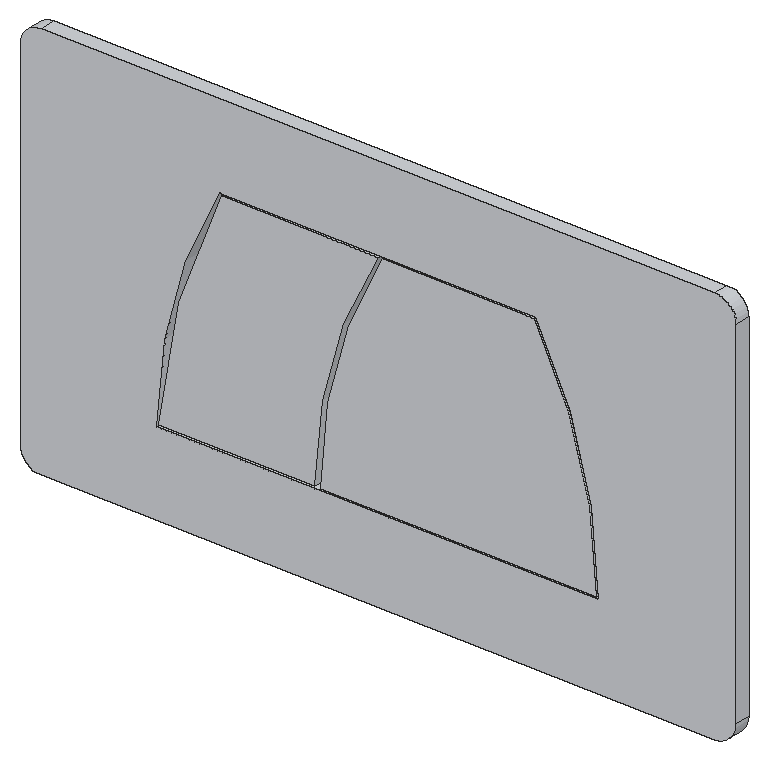
Revit family
Parameters (values of type "340 x 190mm")
  Material = none
  Manufacturer = "Revit"
  Assembly Code = "D2010"
Reference planes
  plane 1 "Center (Front/Back)": y = 0
  plane 2: z = 0
  plane 3 "Center (Left/Right)": x = 0
Forms (mm)
  Extrusion 1, solid, material <- "Material", detail levels medium+fine
    sketch origin (-125, 135, -900) x (1, 0, 0) y (0, 0, 1)
      loop
        line (285, 1090) -> (-35, 1090)
        arc (-35, 1090) -> (-42.071, 1087.071) -> (-45, 1080) r 10
        line (-45, 1080) -> (-45, 910)
        arc (-45, 910) -> (-42.071, 902.929) -> (-35, 900) r 10
        line (-35, 900) -> (285, 900)
        arc (285, 900) -> (292.071, 902.929) -> (295, 910) r 10
        line (295, 910) -> (295, 1080)
        arc (295, 1080) -> (292.071, 1087.071) -> (285, 1090) r 10
      loop
        line (200, 1050) -> (50, 1050)
        arc (50, 1050) -> (27.772, 996.971) -> (20, 940) r 220.643
        line (20, 940) -> (230, 940)
        arc (230, 940) -> (222.228, 996.971) -> (200, 1050) r 220.643
    from 127.675 to 135
  Extrusion 2, solid, material <- "Material", detail levels medium+fine
    sketch origin (-125, 135, -900) x (1, 0, 0) y (0, 0, 1)
      loop
        arc (228.993, 941) -> (221.207, 996.916) -> (199.424, 1049) r 219.643
        line (199.424, 1049) -> (127.112, 1049)
        arc (127.112, 1049) -> (105.33, 996.916) -> (97.543, 941) r 219.643
        line (97.543, 941) -> (228.993, 941)
      loop
        arc (50.576, 1049) -> (30.444, 996.464) -> (21.007, 941) r 285.457
        line (21.007, 941) -> (95.007, 941)
        arc (95.007, 941) -> (102.966, 996.998) -> (125.213, 1049) r 215.643
        line (125.213, 1049) -> (50.576, 1049)
    from 126.457 to 135
Dimensions and locks
  locked: Extrusion 1 to Extrusion 1 at 190
  Extrusion 2 to Extrusion 2 to Extrusion 1 = 108 mm locked, 41 mm locked
  locked: Extrusion 1 to Extrusion 1 at 340
  locked: Extrusion 1 to Extrusion 1 at 7.325
  locked: Extrusion 2 to Extrusion 2 at 8.543
  aligned and locked: Extrusion 1 to Extrusion 2
  aligned and locked: Extrusion 1 to level
  aligned and locked: plane 1 "Center (Front/Back)" to Extrusion 1
